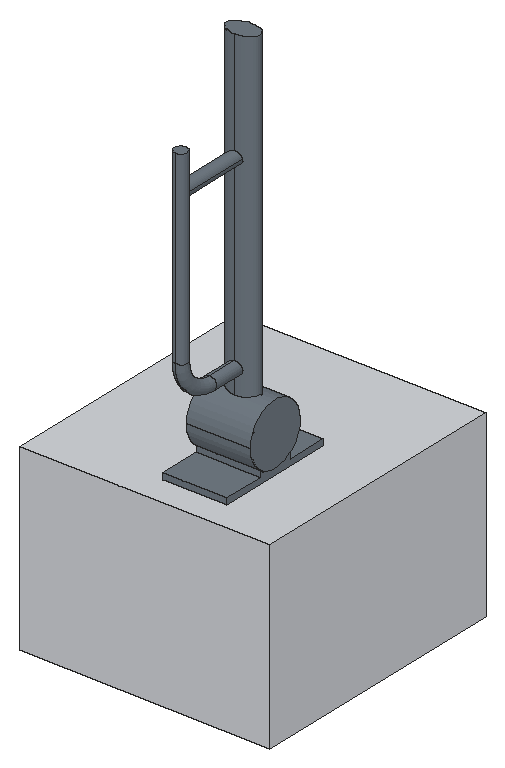
Revit family "ASH_Contour21_Multiproduct_S6360;S6361", category Plumbing Fixtures, host Face, Revit 2014
Parameters (values of type "S6361RN - Contour21 Support Rail 650 x 350mm - NHS HTM64 - Charcoal")
  WarrantyStartDate [instance] = "1900-12-31T23:59:59"
  WarrantyGuarantorParts = "Productinfo@thebluebook.co.uk"
  WarrantyGuarantorLabor = "n/a"
  WarrantyDurationUnit = "year"
  WarrantyDurationParts = "5"
  WarrantyDurationLabor = "n/a"
  WarrantyDescription = "Manufacturers Warranty"
  WFU = 0
  VolumeUnits = "Litres"
  Version = "1"
  Uniclass2015Version = "Products v1.1"
  Uniclass2015Title = "Support rails"
  Uniclass2015Code = "Pr_40_20_76_84"
  URL = "www.idealspec.co.uk"
  Type Comments = "n/a"
  TagNumber [instance] = "n/a"
  SustainabilityPerformance = "n/a"
  SpareParts = "www.fastpart-spares.co.uk"
  Space = "Internal"
  Size = "0 x 0 x 0 mm"
  Shape = "Sculptured"
  SerialNumber [instance] = "n/a"
  Revision = "n/a"
  ReplacementCost = "n/a"
  Reference = "n/a"
  ProductInformation = "www.idealspec.co.uk/assets/datasheet/S6361RN"
  Phone = "01543 490 253"
  NominalWidth = 107 mm
  NominalLength = 650 mm
  NominalHeight = 242 mm
  NettWeight = "3 Kg"
  Name = "SupportRails_Contour21_S6361RN_ArmitageShanks"
  NBSTypeID = "n/a"
  NBSReference = "45-35-70/360"
  NBSOfficeMasterTag = "n/a"
  NBSNote = "n/a"
  NBSDescription = "Support rails"
  NBSCertification = "n/a"
  ModelReference = Description  # "Contour 21 hinged support rail nhs htm64 projection 65 x 35mm diameter"
  ModelNumber = Model  # "S6361RN"
  Model = "S6361RN"
  Material = "Aluminium"
  ManufacturerURL = "www.idealspec.co.uk"
  Manufacturer = "Productinfo@thebluebook.co.uk"
  LinearUnits = "millimeters"
  InstallationInstructions = "www.idealspec.co.uk/resources.html"
  InstallationDate [instance] = "1900-12-31T23:59:59"
  IfcExportType = "FAUCET"
  IfcExportAs = "IfcValveType"
  HWFU = 0
  GrossWeight = "n/a"
  Grade = "n/a"
  GrabRailMtl = ASH_ArmitageShanks_Brassware_Charcoal_RN_Render
  Finish = "Chrome"
  Features = "Hinged support rail nhs htm64 projection 65 x 35mm diameter"
  ExpectedLife = "30"
  DurationUnit = "year"
  DistributedBy = "n/a"
  Description = "Contour 21 hinged support rail nhs htm64 projection 65 x 35mm diameter"
  Default Elevation = 680 mm
  CurrencyUnit = "n/a"
  CreatedOn = "2016-26-09"
  Cost = 0
  Constituents = "n/a"
  ConnectionType = "Plumbing"
  Color = "Charcoal"
  CodePerformance = "n/a"
  Category = "n/a"
  CWFU = 0
  Brand = "Armitage Shanks"
  BarCode = "5017830444985"
  BIMObjectName = "ASH_ArmitageShanks_SupportRails_Contour21_S6361RN"
  Author = "Ideal Standard (UK) Ltd"
  AssetType = "Fixed"
  AssetIdentifier [instance] = "n/a"
  Assembly Code = "C1030200"
  AreaUnits = "millimeters"
  AreaMeasurement = "n/a"
  Accessories = "www.idealspec.co.uk"
  AccessibilityPerformance = "Part-M"
Types (10, lengths in mm): name | ProductInformation | NominalLength | NettWeight | Name | ModelReference | ModelNumber | Model | GrabRailMtl | Features | Description | Color | BarCode | BIMObjectName
  S6360AC - Contour21 Support Rail 800 x 350mm - Doc M Compliant - White | "www.idealspec.co.uk/assets/datasheet/S6360AC" | 800 | "3.15 Kg" | "SupportRails_Contour21_S6360AC_ArmitageShanks" | "Contour 21 hinged support rail 80 x 35mm diameter, doc m compliant" | "S6360AC" | "S6360AC" | ASH_ArmitageShanks_Brassware_White_AC_Render | "Hinged support rail 80 x 35mm diameter, doc m compliant" | "Contour 21 hinged support rail 80 x 35mm diameter, doc m compliant" | "White" | "5017830444909" | "ASH_ArmitageShanks_SupportRails_Contour21_S6360AC"
  S6361AC - Contour21 Support Rail 650 x 350mm - NHS HTM64 - White | "www.idealspec.co.uk/assets/datasheet/S6361AC" | 650 | "3 Kg" | "SupportRails_Contour21_S6361AC_ArmitageShanks" | "Contour 21 hinged support rail nhs htm64 projection 65 x 35mm diameter" | "S6361AC" | "S6361AC" | ASH_ArmitageShanks_Brassware_White_AC_Render | "Hinged support rail nhs htm64 projection 65 x 35mm diameter" | "Contour 21 hinged support rail nhs htm64 projection 65 x 35mm diameter" | "White" | "5017830444954" | "ASH_ArmitageShanks_SupportRails_Contour21_S6361AC"
  S636036 - Contour21 Support Rail 800 x 350mm - Doc M Compliant - Blue | "www.idealspec.co.uk/assets/datasheet/S636036" | 800 | "3.15 Kg" | "SupportRails_Contour21_S636036_ArmitageShanks" | "Contour 21 hinged support rail 80 x 35mm diameter, doc m compliant" | "S636036" | "S636036" | ASH_ArmitageShanks_Brassware_Blue_36_Render | "Hinged support rail 80 x 35mm diameter, doc m compliant" | "Contour 21 hinged support rail 80 x 35mm diameter, doc m compliant" | "Blue" | "5017830444893" | "ASH_ArmitageShanks_SupportRails_Contour21_S636036"
  S6360RN - Contour21 Support Rail 800 x 350mm - Doc M Compliant - Charcoal | "www.idealspec.co.uk/assets/datasheet/S6360RN" | 800 | "3.15 Kg" | "SupportRails_Contour21_S6360RN_ArmitageShanks" | "Contour 21 hinged support rail 80 x 35mm diameter, doc m compliant" | "S6360RN" | "S6360RN" | ASH_ArmitageShanks_Brassware_Charcoal_RN_Render | "Hinged support rail 80 x 35mm diameter, doc m compliant" | "Contour 21 hinged support rail 80 x 35mm diameter, doc m compliant" | "Charcoal" | "5017830444930" | "ASH_ArmitageShanks_SupportRails_Contour21_S6360RN"
  S6360LJ - Contour21 Support Rail 800 x 350mm - Doc M Compliant - Light Grey | "www.idealspec.co.uk/assets/datasheet/S6360LJ" | 800 | "3.15 Kg" | "SupportRails_Contour21_S6360LJ_ArmitageShanks" | "Contour 21 hinged support rail 80 x 35mm diameter, doc m compliant" | "S6360LJ" | "S6360LJ" | ASH_ArmitageShanks_Brassware_LightGrey_LJ_Render | "Hinged support rail 80 x 35mm diameter, doc m compliant" | "Contour 21 hinged support rail 80 x 35mm diameter, doc m compliant" | "Grey" | "5017830444916" | "ASH_ArmitageShanks_SupportRails_Contour21_S6360LJ"
  S6360MY - Contour21 Support Rail 800 x 350mm - Doc M Compliant - Satinless Steel | "www.idealspec.co.uk/assets/datasheet/S6360MY" | 800 | "3.15 Kg" | "SupportRails_Contour21_S6360MY_ArmitageShanks" | "Contour 21 hinged support rail 80 x 35mm diameter, doc m compliant" | "S6360MY" | "S6360MY" | ASH_ArmitageShanks_Brassware_Steel_MY_Render | "Hinged support rail 80 x 35mm diameter, doc m compliant" | "Contour 21 hinged support rail 80 x 35mm diameter, doc m compliant" | "Stainless Steel finish" | "5017830444923" | "ASH_ArmitageShanks_SupportRails_Contour21_S6360MY"
  S636136 - Contour21 Support Rail 650 x 350mm - NHS HTM64 - Blue | "www.idealspec.co.uk/assets/datasheet/S636136" | 650 | "3 Kg" | "SupportRails_Contour21_S636136_ArmitageShanks" | "Contour 21 hinged support rail nhs htm64 projection 65 x 35mm diameter" | "S636136" | "S636136" | ASH_ArmitageShanks_Brassware_Blue_36_Render | "Hinged support rail nhs htm64 projection 65 x 35mm diameter" | "Contour 21 hinged support rail nhs htm64 projection 65 x 35mm diameter" | "Blue" | "5017830444947" | "ASH_ArmitageShanks_SupportRails_Contour21_S636136"
  S6361RN - Contour21 Support Rail 650 x 350mm - NHS HTM64 - Charcoal | "www.idealspec.co.uk/assets/datasheet/S6361RN" | 650 | "3 Kg" | "SupportRails_Contour21_S6361RN_ArmitageShanks" | "Contour 21 hinged support rail nhs htm64 projection 65 x 35mm diameter" | "S6361RN" | "S6361RN" | ASH_ArmitageShanks_Brassware_Charcoal_RN_Render | "Hinged support rail nhs htm64 projection 65 x 35mm diameter" | "Contour 21 hinged support rail nhs htm64 projection 65 x 35mm diameter" | "Charcoal" | "5017830444985" | "ASH_ArmitageShanks_SupportRails_Contour21_S6361RN"
  S6361LJ - Contour21 Support Rail 650 x 350mm - NHS HTM64 - Light Grey | "www.idealspec.co.uk/assets/datasheet/S6361LJ" | 650 | "3 Kg" | "SupportRails_Contour21_S6361LJ_ArmitageShanks" | "Contour 21 hinged support rail nhs htm64 projection 65 x 35mm diameter" | "S6361LJ" | "S6361LJ" | ASH_ArmitageShanks_Brassware_LightGrey_LJ_Render | "Hinged support rail nhs htm64 projection 65 x 35mm diameter" | "Contour 21 hinged support rail nhs htm64 projection 65 x 35mm diameter" | "Grey" | "5017830444961" | "ASH_ArmitageShanks_SupportRails_Contour21_S6361LJ"
  S6361MY - Contour21 Support Rail 650 x 350mm - NHS HTM64 - Stainless Steel | "www.idealspec.co.uk/assets/datasheet/S6361MY" | 650 | "3 Kg" | "SupportRails_Contour21_S6361MY_ArmitageShanks" | "Contour 21 hinged support rail nhs htm64 projection 65 x 35mm diameter" | "S6361MY" | "S6361MY" | ASH_ArmitageShanks_Brassware_Steel_MY_Render | "Hinged support rail nhs htm64 projection 65 x 35mm diameter" | "Contour 21 hinged support rail nhs htm64 projection 65 x 35mm diameter" | "Stainless Steel finish" | "5017830444978" | "ASH_ArmitageShanks_SupportRails_Contour21_S6361MY"
Reference planes
  plane 1 "Center (Front/Back)": y = 0
  plane 2: z = 0
  plane 3 "Center (Left/Right)": x = 0
  plane 4: z = 140
  plane 5: x = 107
  plane 6: y = -242
  plane 7: y = -201
  plane 8: y = -100.5
  plane 9: x = 53.5
  plane 10: z = 650
  plane 11: z = 113
  plane 12: z = 10
  plane 13: z = 105
  plane 14: z = 525
  plane 15: z = 465
  plane 16: y = -231
  plane 17: y = -82.494
  plane 18: y = -118.509
  plane 19: y = -219.919
Forms (mm)
  Extrusion 1, solid
    sketch origin (-2.122, -192.856, 0) x (1, 0, 0) y (0, 1, 0)
      loop
        line (-197.878, 392.856) -> (-197.878, -56.914) -> (220.32, -56.914) -> (220.32, 392.856) -> (-197.878, 392.856)
    from 0 to -304.8
  Extrusion 2, solid, material "ASH_ArmitageShanks_Brassware_Charcoal_RN_Render" <- "GrabRailMtl"
    sketch origin (107, -114.754, 1219.2) x (0, -1, 0) y (0, 0, 1)
      loop
        circle (-14.254, -1157.7) r 51.5
    from 0 to 107
  Extrusion 3, solid, material "ASH_ArmitageShanks_Brassware_Charcoal_RN_Render" <- "GrabRailMtl"
    sketch origin (0, 0, 0) x (0, 1, 0) y (0, 0, 1)
      loop
        line (0, 10) -> (-70.004, 10) -> (-70.004, 20)
        arc (-70.004, 20) -> (-100.5, 10) -> (-130.996, 20) r 51.5
        line (-130.996, 20) -> (-130.996, 10) -> (-201, 10) -> (-201, 0) -> (0, 0) -> (0, 10)
    from 0 to 107
  Extrusion 4, solid, material "ASH_ArmitageShanks_Brassware_Charcoal_RN_Render" <- "GrabRailMtl"
    sketch origin (0, -83.008, 105) x (0, 1, 0) y (-1, 0, 0)
      loop
        spline (0.508, -53.5) -> (-0.106, -46.253) -> (-1.904, -39.5) -> (-4.764, -33.701) -> (-8.492, -29.251) -> (-12.834, -26.454) -> (-17.492, -25.5) -> (-22.151, -26.454) -> (-26.492, -29.251) -> (-30.22, -33.701) -> (-33.081, -39.5) -> (-34.879, -46.253) -> (-35.492, -53.5)
        spline (-35.492, -53.5) -> (-34.879, -60.747) -> (-33.081, -67.5) -> (-30.22, -73.299) -> (-26.492, -77.749) -> (-22.151, -80.546) -> (-17.492, -81.5) -> (-12.834, -80.546) -> (-8.492, -77.749) -> (-4.764, -73.299) -> (-1.904, -67.5) -> (-0.106, -60.747) -> (0.508, -53.5)
    from 0 to 545
  Sweep 5, solid, material "ASH_ArmitageShanks_Brassware_Charcoal_RN_Render" <- "GrabRailMtl"
    path origin (53.5, 22.067, 1219.2) x (0, 1, 0) y (0, 0, 1)
      loop
        line (-136.476, -1069.2) -> (-193.067, -1069.2)
        arc (-193.067, -1069.2) -> (-235.494, -1051.626) -> (-253.067, -1009.2) r 60
        line (-253.067, -1009.2) -> (-253.067, -694.2)
    profile origin (53.5, -142.704, 150) x (0, 0, -1) y (1, 0, 0)
      loop
        circle (0, 0) r 11
  Sweep 6, solid, material "ASH_ArmitageShanks_Brassware_Charcoal_RN_Render" <- "GrabRailMtl"
    path origin (0, -100.5, 465) x (0, 1, 0) y (-1, 0, 0)
      loop
        line (-130.5, -53.5) -> (0, -53.5)
    profile origin (53.5, -165.75, 465) x (-1, 0, 0) y (0, 0, 1)
      loop
        circle (0, 0) r 11
Dimensions and locks
  locked: plane 4 to level at 140
  "NominalLength": plane 10 to level
  locked: plane 10 to plane 14 at 125
  locked: plane 10 to plane 15 at 185
  plane 1 "Center (Front/Back)" to plane 7 = 201 mm
  "NominalHeight": plane 1 "Center (Front/Back)" to plane 6
  locked: plane 17 to plane 18 at 36.015
  locked: plane 19 to plane 6 at 22.081
  locked: plane 11 to Extrusion 1 at 113
  "NominalWidth": plane 3 "Center (Left/Right)" to plane 5
  aligned and locked: plane 2 to Extrusion 1
  aligned and locked: level to Extrusion 1
  aligned and locked: Extrusion 2 to plane 3 "Center (Left/Right)"
  aligned and locked: Extrusion 2 to plane 5
  aligned and locked: plane 12 to Extrusion 3 sketch curve
  aligned and locked: Extrusion 3 sketch curve to plane 1 "Center (Front/Back)"
  aligned and locked: Extrusion 3 sketch curve to level
  aligned and locked: Extrusion 3 sketch curve to plane 7
  aligned and locked: Extrusion 3 to plane 5
  aligned and locked: Extrusion 3 to plane 3 "Center (Left/Right)"
  aligned and locked: plane 10 to Extrusion 4
  aligned and locked: Extrusion 4 to plane 13
  aligned and locked: plane 8 to Sweep 6 sketch curve
  aligned and locked: plane 9 to Sweep 6 sketch curve
  aligned and locked: plane 16 to Sweep 5 sketch curve
  aligned and locked: plane 16 to Sweep 6 sketch curve
Automatic sketch dimensions
  Extrusion 1 sketch curve to Extrusion 1 sketch curve = 418.198 mm
  Extrusion 1 sketch curve to Extrusion 1 sketch curve = 449.769 mm
  Extrusion 2 sketch curve to plane 8 = 0 mm
  Extrusion 2 sketch curve to plane 13 = 43.5 mm
  Extrusion 3 sketch curve to plane 12 = 0 mm
  Extrusion 3 sketch curve to plane 8 = 0 mm
  Extrusion 3 sketch curve to plane 8 = 30.496 mm
  plane 8 to Extrusion 3 sketch curve = 30.496 mm
  Extrusion 3 sketch curve to Extrusion 3 sketch curve = 10 mm
  Extrusion 3 sketch curve to plane 13 = 43.5 mm
  Extrusion 4 sketch curve to plane 8 = 0 mm
  Extrusion 4 sketch curve to plane 9 = 0 mm
  Extrusion 4 sketch curve to Extrusion 4 sketch curve = 18 mm
  Sweep 5 sketch curve to plane 14 = 0 mm
  Sweep 5 sketch curve to plane 8 = 70.5 mm
  plane 4 to Sweep 5 sketch curve = 70 mm
  Sweep 5 sketch curve to plane 8 = 13.908 mm
  Sweep 5 sketch curve to plane 9 = 0 mm
  Sweep 5 sketch curve to profile plane = 0 mm
  Sweep 6 sketch curve to plane 15 = 0 mm
  Sweep 6 sketch curve to profile plane = 0 mm
  radius of Extrusion 2 sketch curve = 51.5 mm
  radius of Sweep 5 sketch curve = 11 mm
  radius of Sweep 6 sketch curve = 11 mm
